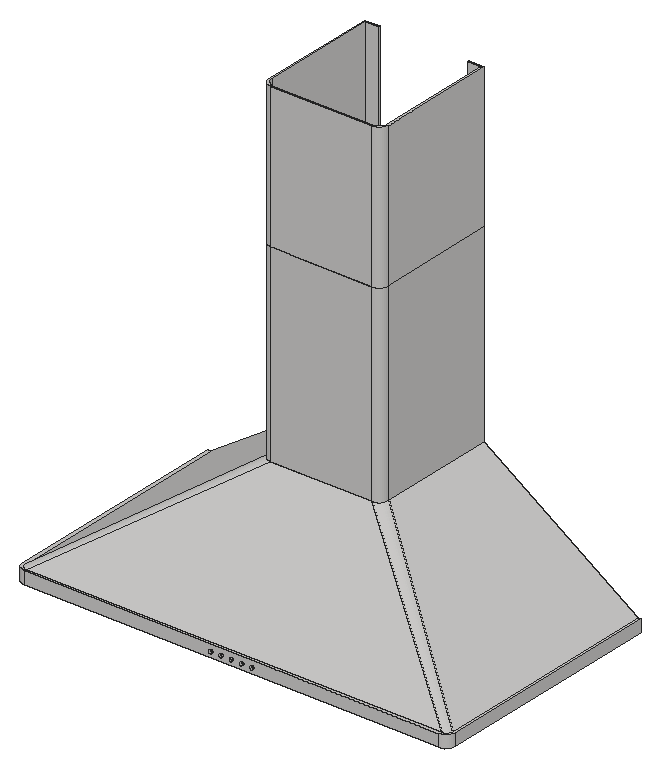
Revit family "Qf_Summit_SEH3636SS_36 inches Wide Wall-Mounted Range Hood", category Specialty Equipment, Revit 2020
Family settings
  Round Connector Dimension = Use Diameter
  Part Type = Normal
  Work Plane-Based = No
  Always vertical = Yes
  Cut with Voids When Loaded = No
  Shared = No
  Room Calculation Point = No
Parameters
  Weight in Pounds = 45
  Watts = FL Amps * Volts  # 299 W
  Volts = 115 V
  Ventilation Remarks = ""
  URL Cutsheet = ""
  Specification by User = ""
  Specification by Manufacturer = ""
  Show Clearance [instance] = yes
  Show Casters [instance] = yes
  Serial Number = ""
  Seismic Rating = ""
  SMACNA No = ""
  Revision Code = ""
  Phase = 1
  Number of Poles = 1
  NAFEM Spec ID Number = ""
  Model = "SEH3636SS"
  Min Ckt Ampacity = 0 A
  Max Overcurrent Protection = 0 A
  Masterspec = ""
  Manufacturer = "Summit"
  Length = 35 7/16"
  Item Number = ""
  Installed By = ""
  Identify Quantity as Lot = yes
  Height = 37"
  HP = ""
  Furnished By = ""
  Foodservice Equipment Identifier = yes
  FL Amps = 2.6 A
  Exhaust Volume = 200 CFM
  Exhaust Vent Width = 10 1/2"
  Exhaust Vent Diameter = 0"
  Exhaust Vent Depth = 9 3/4"
  Exhaust Static Press = 0.00 in-wg
  Exhaust RI Height = 0"
  Electrical Remarks = ""
  Electric Connection Type = ""
  Elec Conn RI Height = 0"
  Elec Conn Connection Height = 0"
  Description = "36\" Wide Wall-Mounted Range Hood"
  Depth = 19 11/16"
  Default Elevation = 0"
  Cycle = 60 Hz
  Conn Plug = ""
  Conn Conduit = yes
  CSI MasterFormat = ""
  Base Height [instance] = 3/4"
  Apparent Power = 828 VA
Reference planes (in)
  plane 1: z = 0
  plane 2 "LEFT": x = 0
  plane 3 "RIGHT": x = 35.4375
  plane 4 "FRONT": y = -20.4375
  plane 5 "TOP": z = 37
  plane 6 "Center Y": x = 17.71875
  plane 7 "Center X": y = -10.59375
  plane 8 "BACK": y = -0.75
  plane 9: z = 25.25
  plane 10: z = 9.5
  plane 11: y = -11.25
  plane 12: x = 12.84375
  plane 13: x = 22.59375
  plane 14: z = 1
Forms (in)
  Extrusion 1, solid, material "QF_Metal_Stainless_Polished"
    sketch origin (0, 0, 0) x (1, 0, 0) y (0, 1, 0)
      loop
        line (12.84375, -0.75) -> (12.84375, -10.5)
        arc (12.84375, -10.5) -> (13.06342, -11.03033) -> (13.59375, -11.25) r 0.75
        line (13.59375, -11.25) -> (21.84375, -11.25)
        arc (21.84375, -11.25) -> (22.37408, -11.03033) -> (22.59375, -10.5) r 0.75
        line (22.59375, -10.5) -> (22.59375, -0.75) -> (21.36524, -0.75) -> (21.36524, -0.875) -> (22.46875, -0.875) -> (22.46875, -10.375)
        arc (22.46875, -10.375) -> (22.24908, -10.90533) -> (21.71875, -11.125) r 0.75
        line (21.71875, -11.125) -> (13.71875, -11.125)
        arc (13.71875, -11.125) -> (13.18842, -10.90533) -> (12.96875, -10.375) r 0.75
        line (12.96875, -10.375) -> (12.96875, -0.875) -> (14.07226, -0.875) -> (14.07226, -0.75) -> (12.84375, -0.75)
    from 25.25 to 37
  Extrusion 2, solid, material "QF_Metal_Stainless_Polished"
    sketch origin (0, 0, 51) x (0, -1, 0) y (1, 0, 0)
      loop
        line (0.75, 12.84375) -> (10.5, 12.84375)
        arc (10.5, 12.84375) -> (11.03033, 13.06342) -> (11.25, 13.59375) r 0.75
        line (11.25, 13.59375) -> (11.25, 21.84375)
        arc (11.25, 21.84375) -> (11.03033, 22.37408) -> (10.5, 22.59375) r 0.75
        line (10.5, 22.59375) -> (0.75, 22.59375) -> (0.75, 12.84375)
    from -41.5 to -25.75
  Blend 3, solid, material "QF_Metal_Stainless_Polished"
    base sketch origin (0, 0, 0) x (1, 0, 0) y (0, 1, 0)
      loop
        line (0.25, -0.75) -> (0.25, -19.6875)
        arc (0.25, -19.6875) -> (0.39645, -20.04105) -> (0.75, -20.1875) r 0.5
        line (0.75, -20.1875) -> (34.6875, -20.1875)
        arc (34.6875, -20.1875) -> (35.04105, -20.04105) -> (35.1875, -19.6875) r 0.5
        line (35.1875, -19.6875) -> (35.1875, -0.75) -> (0.25, -0.75)
    top sketch origin (0, 0, 0) x (1, 0, 0) y (0, 1, 0)
      loop
        line (12.84375, -0.75) -> (12.84375, -10.5)
        arc (12.84375, -10.5) -> (13.06342, -11.03033) -> (13.59375, -11.25) r 0.75
        line (13.59375, -11.25) -> (21.84375, -11.25)
        arc (21.84375, -11.25) -> (22.37408, -11.03033) -> (22.59375, -10.5) r 0.75
        line (22.59375, -10.5) -> (22.59375, -0.75) -> (12.84375, -0.75)
    from 1 to 9.5
  Extrusion 4, solid, material "QF_Metal_Stainless_Polished"
    sketch origin (0, 0, 0) x (1, 0, 0) y (0, 1, 0)
      loop
        line (0, -0.75) -> (0, -19.6875)
        arc (0, -19.6875) -> (0.21967, -20.21783) -> (0.75, -20.4375) r 0.75
        line (0.75, -20.4375) -> (34.6875, -20.4375)
        arc (34.6875, -20.4375) -> (35.21783, -20.21783) -> (35.4375, -19.6875) r 0.75
        line (35.4375, -19.6875) -> (35.4375, -0.75) -> (0, -0.75)
      loop
        line (2, -18.4375) -> (33.4375, -18.4375) -> (33.4375, -2.75) -> (2, -2.75) -> (2, -18.4375)
      loop
        line (2.0625, -18.375) -> (33.375, -18.375) -> (33.375, -2.8125) -> (2.0625, -2.8125) -> (2.0625, -18.375)
      loop
        line (2.125, -15.75) -> (7.41352, -15.75) -> (7.41352, -14) -> (11.91352, -14) -> (11.91352, -15.75) -> (17.50787, -15.75) -> (17.50787, -2.875) -> (2.125, -2.875) -> (2.125, -15.75)
      loop
        line (33.3125, -15.75) -> (33.3125, -2.875) -> (17.92963, -2.875) -> (17.92963, -15.75) -> (23.52398, -15.75) -> (23.52398, -14) -> (28.02398, -14) -> (28.02398, -15.75) -> (33.3125, -15.75)
    from 0 to 1
  Extrusion 5, solid, material "QF_Metal_Stainless_Polished"
    sketch origin (12.84375, -0.75, 51) x (1, 0, 0) y (0, 0, -1)
      loop
        circle (5, 40.41486) r 0.25
    from 0 to 0.06876
  Extrusion 6, solid, material "QF_Metal_Stainless_Polished"
    sketch origin (28.75, -20.4375, 0) x (-1, 0, 0) y (0, 0, -1)
      loop
        circle (11.03125, -0.47403) r 0.11743
      loop
        circle (10.1869, -0.47403) r 0.11743
      loop
        circle (11.8756, -0.47403) r 0.11743
      loop
        circle (12.71994, -0.47403) r 0.11743
      loop
        circle (9.34256, -0.47403) r 0.11743
    from 0 to 0.08308
  Extrusion 7, solid, material "QF_Plastic_White_Smooth"
    sketch origin (0, 0, 0) x (1, 0, 0) y (0, 1, 0)
      loop
        line (2.125, -15.75) -> (7.41352, -15.75) -> (7.41352, -14) -> (11.91352, -14) -> (11.91352, -15.75) -> (17.50787, -15.75) -> (17.50787, -2.875) -> (2.125, -2.875) -> (2.125, -15.75)
      loop
        line (33.3125, -15.75) -> (33.3125, -2.875) -> (17.92963, -2.875) -> (17.92963, -15.75) -> (23.52398, -15.75) -> (23.52398, -14) -> (28.02398, -14) -> (28.02398, -15.75) -> (33.3125, -15.75)
    from 0 to 1
Cuts and joins
  joined: Extrusion 2, Extrusion 5
Lines and regions (in)
  Split face 1
    outline origin (0, 0, 0) x (1, 0, 0) y (0, 1, 0)
      loop
        line (15.14014, -16.56268) -> (15.14014, -17.81268) -> (20.14014, -17.81268) -> (20.14014, -16.56268) -> (15.14014, -16.56268)
  Split face 2
    outline origin (-8, 0, 0) x (1, 0, 0) y (0, 1, 0)
      loop
        line (16.14014, -14.42455) -> (16.14014, -15.67455) -> (19.26514, -15.67455) -> (19.26514, -14.42455) -> (16.14014, -14.42455)
  Split face 3
    outline origin (43.4375, 0, 0) x (0, 1, 0) y (-1, 0, 0)
      loop
        line (-14.42455, 16.14014) -> (-14.42455, 19.26514) -> (-15.67455, 19.26514) -> (-15.67455, 16.14014) -> (-14.42455, 16.14014)
  Split face 4
    outline origin (-8, 13.25, 0) x (1, 0, 0) y (0, 1, 0)
      loop
        spline (19.05302, -15.0183) -> (19.00701, -14.79226) -> (18.87211, -14.58162) -> (18.65751, -14.40074) -> (18.37783, -14.26194) -> (18.05215, -14.17469) -> (17.70264, -14.14493) -> (17.35313, -14.17469) -> (17.02745, -14.26194) -> (16.74777, -14.40074) -> (16.53317, -14.58162) -> (16.39827, -14.79226) -> (16.35226, -15.0183)
        spline (16.35226, -15.0183) -> (16.39827, -15.24434) -> (16.53317, -15.45498) -> (16.74777, -15.63586) -> (17.02745, -15.77466) -> (17.35313, -15.86191) -> (17.70264, -15.89166) -> (18.05215, -15.86191) -> (18.37783, -15.77466) -> (18.65751, -15.63586) -> (18.87211, -15.45498) -> (19.00701, -15.24434) -> (19.05302, -15.0183)
  Split face 5
    outline origin (43.4375, 13.25, 0) x (0, 1, 0) y (-1, 0, 0)
      loop
        spline (-15.0183, 19.05302) -> (-15.24434, 19.00701) -> (-15.45498, 18.87211) -> (-15.63586, 18.65751) -> (-15.77466, 18.37783) -> (-15.86191, 18.05215) -> (-15.89166, 17.70264) -> (-15.86191, 17.35313) -> (-15.77466, 17.02745) -> (-15.63586, 16.74777) -> (-15.45498, 16.53317) -> (-15.24434, 16.39827) -> (-15.0183, 16.35226)
        spline (-15.0183, 16.35226) -> (-14.79226, 16.39827) -> (-14.58162, 16.53317) -> (-14.40074, 16.74777) -> (-14.26194, 17.02745) -> (-14.17469, 17.35313) -> (-14.14493, 17.70264) -> (-14.17469, 18.05215) -> (-14.26194, 18.37783) -> (-14.40074, 18.65751) -> (-14.58162, 18.87211) -> (-14.79226, 19.00701) -> (-15.0183, 19.05302)
  symbolic lines, style "QF_Clearances_Door_Drawer"
    curve 1: arc (34.6875, -20.4375, 0) -> (35.21783, -20.21783, 0) -> (35.4375, -19.6875, 0) r 0.75
  symbolic lines
    curve 2: line (0.25, -19.6875, 0) -> (0.25, -0.75, 0)
    curve 3: line (0.25, -0.75, 0) -> (35.1875, -0.75, 0)
    curve 4: line (35.1875, -0.75, 0) -> (35.1875, -19.6875, 0)
    curve 5: arc (35.1875, -19.6875, 0) -> (35.04105, -20.04105, 0) -> (34.6875, -20.1875, 0) r 0.5
    curve 6: line (34.6875, -20.1875, 0) -> (0.75, -20.1875, 0)
    curve 7: arc (0.75, -20.1875, 0) -> (0.39645, -20.04105, 0) -> (0.25, -19.6875, 0) r 0.5
    curve 8: line (0, -0.75, 0) -> (0, -19.6875, 0)
    curve 9: arc (0, -19.6875, 0) -> (0.21967, -20.21783, 0) -> (0.75, -20.4375, 0) r 0.75
    curve 10: line (0.75, -20.4375, 0) -> (34.6875, -20.4375, 0)
    curve 11: arc (34.6875, -20.4375, 0) -> (35.21783, -20.21783, 0) -> (35.4375, -19.6875, 0) r 0.75
    curve 12: line (35.4375, -19.6875, 0) -> (35.4375, -0.75, 0)
    curve 13: line (35.4375, -0.75, 0) -> (0, -0.75, 0)
    curve 14: line (12.84375, -0.75, 0) -> (12.84375, -10.5, 0)
    curve 15: arc (12.84375, -10.5, 0) -> (13.06342, -11.03033, 0) -> (13.59375, -11.25, 0) r 0.75
    curve 16: line (13.59375, -11.25, 0) -> (21.84375, -11.25, 0)
    curve 17: arc (21.84375, -11.25, 0) -> (22.37408, -11.03033, 0) -> (22.59375, -10.5, 0) r 0.75
    curve 18: line (22.59375, -10.5, 0) -> (22.59375, -0.75, 0)
    curve 19: line (22.59375, -0.75, 0) -> (21.36524, -0.75, 0)
    curve 20: line (21.36524, -0.75, 0) -> (21.36524, -0.875, 0)
    curve 21: line (21.36524, -0.875, 0) -> (22.46875, -0.875, 0)
    curve 22: line (22.46875, -0.875, 0) -> (22.46875, -10.375, 0)
    curve 23: arc (22.46875, -10.375, 0) -> (22.24908, -10.90533, 0) -> (21.71875, -11.125, 0) r 0.75
    curve 24: line (21.71875, -11.125, 0) -> (13.71875, -11.125, 0)
    curve 25: arc (13.71875, -11.125, 0) -> (13.18842, -10.90533, 0) -> (12.96875, -10.375, 0) r 0.75
    curve 26: line (12.96875, -10.375, 0) -> (12.96875, -0.875, 0)
    curve 27: line (12.96875, -0.875, 0) -> (14.07226, -0.875, 0)
    curve 28: line (14.07226, -0.875, 0) -> (14.07226, -0.75, 0)
    curve 29: line (14.07226, -0.75, 0) -> (12.84375, -0.75, 0)
Dimensions and locks (in)
  equal spacing: plane 2 "LEFT", plane 6 "Center Y", plane 3 "RIGHT"
  "Length": plane 2 "LEFT" to plane 3 "RIGHT"
  equal spacing: plane 4 "FRONT", plane 7 "Center X", plane 8 "BACK"
  "Height": plane 5 "TOP" to level
  plane 3 "RIGHT" to plane 2 "LEFT" = 35 7/16"
  plane 5 "TOP" to level = 37"
  "Depth": plane 4 "FRONT" to plane 8 "BACK"
  plane 9 to plane 10 to level = 15 3/4", 9 1/2"
  plane 8 "BACK" to plane 11 = 10 1/2"
  plane 12 to plane 13 = 9 3/4"
  locked: plane 14 to level at 1
  equal spacing: plane 12, plane 6 "Center Y", plane 13, locked at 4.875 each
  aligned and locked: level to plane 1
  aligned and locked: plane 5 "TOP" to Extrusion 1
  aligned and locked: Extrusion 1 to plane 9
  aligned and locked: Extrusion 2 to plane 10
  aligned and locked: plane 9 to Extrusion 2
  aligned and locked: Extrusion 4 to Blend 3
  aligned and locked: plane 10 to Blend 3
  aligned and locked: Extrusion 7 to plane 14
Automatic sketch dimensions
  curve 1 to curve 5 = 0"  (x2)
  curve 1 to curve 11 = 0"  (x2)
  curve 5 to curve 11 = 0"  (x2)
  curve 7 to curve 9 = 0"  (x2)
  curve 8 to plane 2 "LEFT" = 0"
  plane 8 "BACK" to curve 3 = 0"
  plane 4 "FRONT" to curve 9 = 0"
  curve 15 to plane 12 = 0"
  curve 16 to plane 11 = 0"
  plane 8 "BACK" to curve 29 = 0"
  plane 8 "BACK" to curve 19 = 0"
  curve 18 to plane 13 = 0"
  curve 12 to plane 3 "RIGHT" = 0"
  plane 8 "BACK" to curve 8 = 0"
  plane 2 "LEFT" to curve 3 = 1/4"
  plane 2 "LEFT" to curve 10 = 3/4"
  curve 26 to plane 12 = 1/8"
  curve 16 to plane 12 = 3/4"
  curve 15 to curve 25 = 1/8"
  plane 8 "BACK" to curve 28 = 1/8"
  curve 26 to curve 28 = 1.10351"
  curve 19 to curve 18 = 1.22851"
  plane 11 to curve 24 = 1/8"
  curve 24 to plane 13 = 7/8"
  curve 24 to curve 16 = 1/8"
  curve 22 to plane 13 = 1/8"
  curve 6 to curve 4 = 1/2"
  plane 8 "BACK" to curve 20 = 1/8"
  Extrusion 1 sketch curve to plane 12 = 0"
  Extrusion 1 sketch curve to plane 11 = 0"
  plane 8 "BACK" to Extrusion 1 sketch curve = 0"  (x2)
  Extrusion 1 sketch curve to plane 13 = 0"
  Extrusion 1 sketch curve to plane 12 = 1/8"
  Extrusion 1 sketch curve to plane 12 = 3/4"
  Extrusion 1 sketch curve to Extrusion 1 sketch curve = 1/8"  (x2)
  Extrusion 1 sketch curve to Extrusion 1 sketch curve = 1.10351"
  plane 8 "BACK" to Extrusion 1 sketch curve = 1/8"  (x2)
  Extrusion 1 sketch curve to plane 13 = 1.22851"
  plane 11 to Extrusion 1 sketch curve = 1/8"
  Extrusion 1 sketch curve to plane 13 = 7/8"
  Extrusion 1 sketch curve to plane 13 = 1/8"
  plane 8 "BACK" to Extrusion 2 sketch curve = 0"
  Extrusion 2 sketch curve to plane 12 = 0"
  Extrusion 2 sketch curve to plane 13 = 0"
  Extrusion 2 sketch curve to plane 11 = 0"
  plane 7 "Center X" to Extrusion 2 sketch curve = 3/32"  (x2)
  plane 8 "BACK" to Blend 3 sketch curve = 0"  (x2)
  plane 2 "LEFT" to Blend 3 sketch curve = 1/4"
  Blend 3 sketch curve to Blend 3 sketch curve = 1/2"
  Blend 3 sketch curve to plane 4 "FRONT" = 1/4"
  plane 3 "RIGHT" to Blend 3 sketch curve = 3/4"
  plane 3 "RIGHT" to Blend 3 sketch curve = 1/4"
  Blend 3 sketch curve to plane 12 = 0"
  Blend 3 sketch curve to plane 11 = 0"
  Blend 3 sketch curve to plane 13 = 0"
  plane 7 "Center X" to Blend 3 sketch curve = 3/32"  (x2)
  Extrusion 4 sketch curve to plane 2 "LEFT" = 0"
  plane 4 "FRONT" to Extrusion 4 sketch curve = 0"
  Extrusion 4 sketch curve to plane 3 "RIGHT" = 0"
  plane 8 "BACK" to Extrusion 4 sketch curve = 0"
  plane 2 "LEFT" to Extrusion 4 sketch curve = 3/4"
  plane 2 "LEFT" to Extrusion 4 sketch curve = 2"
  Extrusion 4 sketch curve to Extrusion 4 sketch curve = 1/16"  (x5)
  plane 2 "LEFT" to Extrusion 4 sketch curve = 2 1/8"
  plane 12 to Extrusion 4 sketch curve = 5.43023"
  plane 12 to Extrusion 4 sketch curve = 0.93023"
  Extrusion 4 sketch curve to plane 6 "Center Y" = 0.21088"
  plane 6 "Center Y" to Extrusion 4 sketch curve = 0.21088"
  plane 13 to Extrusion 4 sketch curve = 0.93023"
  Extrusion 4 sketch curve to Extrusion 4 sketch curve = 4 1/2"
  plane 3 "RIGHT" to Extrusion 4 sketch curve = 2 1/8"
  plane 3 "RIGHT" to Extrusion 4 sketch curve = 2 1/16"
  plane 3 "RIGHT" to Extrusion 4 sketch curve = 3/4"
  Extrusion 4 sketch curve to Extrusion 4 sketch curve = 1 1/4"
  Extrusion 4 sketch curve to plane 11 = 4 1/2"  (x4)
  Extrusion 4 sketch curve to Extrusion 4 sketch curve = 1 3/4"  (x2)
  plane 8 "BACK" to Extrusion 4 sketch curve = 2 1/8"
  Extrusion 4 sketch curve to Extrusion 4 sketch curve = 0"
  Extrusion 2 to Extrusion 5 sketch curve = 1.08514"
  Extrusion 5 sketch curve to Extrusion 2 = 4 3/4"
  Extrusion 4 to Extrusion 6 sketch curve = 0.47403"  (x5)
  Extrusion 6 sketch curve to Extrusion 4 = 15.28006"
  Extrusion 6 sketch curve to Extrusion 6 sketch curve = 0.84435"  (x4)
  plane 2 "LEFT" to Extrusion 7 sketch curve = 2 1/8"
  Extrusion 7 sketch curve to Extrusion 7 sketch curve = 5.28852"
  plane 12 to Extrusion 7 sketch curve = 0.93023"
  Extrusion 7 sketch curve to plane 6 "Center Y" = 0.21088"
  plane 6 "Center Y" to Extrusion 7 sketch curve = 0.21088"
  plane 13 to Extrusion 7 sketch curve = 0.93023"
  Extrusion 7 sketch curve to Extrusion 7 sketch curve = 4 1/2"
  plane 3 "RIGHT" to Extrusion 7 sketch curve = 2 1/8"
  Extrusion 7 sketch curve to plane 11 = 4 1/2"  (x3)
  Extrusion 7 sketch curve to Extrusion 7 sketch curve = 0"  (x2)
  Extrusion 7 sketch curve to Extrusion 7 sketch curve = 1 3/4"  (x2)
  plane 8 "BACK" to Extrusion 7 sketch curve = 2 1/8"
  Split face 1 sketch curve to Extrusion 4 = 0.56232"
  Extrusion 4 to Split face 1 sketch curve = 2.36773"
  Extrusion 4 to Split face 1 sketch curve = 2.21051"
  Split face 1 sketch curve to Extrusion 4 = 0.81268"
  Extrusion 4 to Split face 2 sketch curve = 0.07545"
  Split face 2 sketch curve to Extrusion 4 = 0.72662"
  Split face 2 sketch curve to Extrusion 4 = 0.64838"
  Split face 2 sketch curve to Extrusion 4 = 0.42455"
  Extrusion 4 to Split face 3 sketch curve = 0.07545"
  Split face 3 sketch curve to Extrusion 4 = 0.42455"
  Split face 3 sketch curve to Extrusion 4 = 0.72662"
  Split face 3 sketch curve to Extrusion 4 = 0.64838"
  Split face 4 sketch curve to Extrusion 4 = 0.9817"
  Split face 4 sketch curve to Extrusion 4 = 2.21088"
  Split face 4 sketch curve to Extrusion 4 = 0.86049"
  Split face 5 sketch curve to Extrusion 4 = 0.9817"
  Split face 5 sketch curve to Extrusion 4 = 2.21088"
  Split face 5 sketch curve to Extrusion 4 = 0.86049"
  radius of Extrusion 5 sketch curve = 1/4"
  radius of Extrusion 6 sketch curve = 0.11743"  (x5)
Connectors (in)
  electrical at (17.84375, -0.68124, 10.58514), driven by "Volts", driven by "Apparent Power"
    settings: on cut or joined group of Extrusion 2, Extrusion 5, index 1, voltage 115 V, apparent load 828 VA, apparent load phase1 0 VA, apparent load phase2 0 VA, apparent load phase3 0 VA, power factor 1, load classification "Other", number of poles 1, system type 30, power factor state 1, is connector primary yes, connector utility no, sub classification motor no, connector description "Electrical Inlet"
  hvac at (17.71875, -5.8125, 37)
    settings: on Extrusion 1, index 2, duct flow 0 CFM, flow factor 0, pres drop 0.00 in-wg, loss coef 0, conn angle 0.00°, conn width 9 3/4", conn height 10 1/2", conn diameter 24", duct sys type 3, conn prof type 1, flow config 1, flow direction 2, loss method 0, conn ref index -1, conn util no, is conn primary yes, conn desc "Exhaust"
